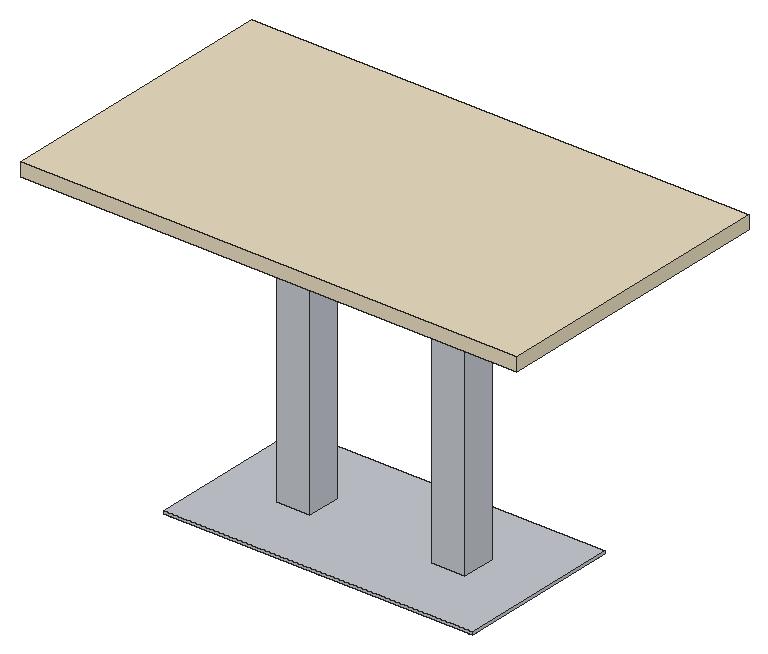
Revit family "FU_Table_Sandler_591Q-MT", category Furniture, Revit 2020
Family settings
  OmniClass Number = 23.40.20.00
  OmniClass Title = General Furniture and Specialties
  Work Plane-Based = No
  Always vertical = Yes
  Cut with Voids When Loaded = No
  Shared = No
  Room Calculation Point = No
Parameters (values of type "591Q-MT - 28x48" Top")
  Width = 747 mm
  URL = "https://www.sandlerseating.com/product/591q-mt/"
  Top Type = FU_TableTops_591 MT : 28x48" Top (70x120cm)
  Top Finish [instance] = Wood - Beech - Honey Stained
  Top Elevation = Height  # 720 mm
  Model = "591Q-MT"
  Manufacturer = "Sandler"
  Height = 720 mm
  Frame Finish [instance] = Metal - Paint -AL VR - White Aluminium
  Description = "Double column table base. Available in powdercoat and painted finishes.\r\nOptional upcharge for outdoor version with galvanized-treated frame and adjustable feet."
  Depth = 397 mm
  Default Elevation = 0 mm
Types (6, lengths in mm): name | Top Type | Top Finish | Frame Finish
  591Q-MT - 28x48" Top | FU_TableTops_591 MT : 28x48" Top (70x120cm) | Wood - Beech - Honey Stained | Metal - Paint -AL VR - White Aluminium
  591Q-MT - 28x52" Top | FU_TableTops_591 MT : 28x52" Top (70x130cm) | Wood - Beech - Grey Stained | Metal - Paint -AL VR - Pure White
  591Q-MT - 32x48" Top | FU_TableTops_591 MT : 32x48" Top (80x120cm) | Wood - Beech - Dark Brown Stained | Metal - Paint -AL VR - Rough Metallic Bronze
  591Q-MT - 32x52" Top | FU_TableTops_591 MT : 32x52" Top (80x130cm) | Wood - Beech - Chestnut Stained | Metal - Paint -AL VR - Anthracite Grey
  591Q-MT - 32x55" Top | FU_TableTops_591 MT : 32x55" Top (80x140cm) | Wood - Beech - Chestnut Stained | Metal - Paint -AL VR - Anthracite Grey
  591Q-MT - 28x55" Top | FU_TableTops_591 MT : 28x55" Top (70x140cm) | Wood - Beech - Chestnut Stained | Metal - Paint -AL VR - Anthracite Grey
Reference planes
  plane 1 "Center (Front/Back)": y = 0
  plane 2: z = 0
  plane 3 "Center (Left/Right)": x = 0
  plane 4 "Right": x = -373.5
  plane 5 "Left": x = 373.5
  plane 6 "Back": y = 198.5
  plane 7 "Front": y = -198.5
  plane 8 "Height": z = 720
  plane 9 "Glide height": z = 4
  plane 10 "LG H": y = 185.83
  plane 11: x = -187.5
  plane 12: z = 700
Forms (mm)
  Extrusion 1, solid, material "Metal - Paint -AL VR - White Aluminium" <- "Frame Finish"
    sketch origin (0, 0, 4) x (-1, 0, 0) y (0, -1, 0)
      loop
        line (373.5, -198.5) -> (373.5, 198.5) -> (-373.5, 198.5) -> (-373.5, -198.5) -> (373.5, -198.5)
    from 0 to 6
  Revolve 2, solid, material "Rubber, Black"
    sketch origin (0, 185.83, 0) x (-1, 0, 0) y (0, 0, 1)
      loop
        line (370.83, 4) -> (360.83, 4) -> (360.83, 0) -> (368.83, 0)
        arc (368.83, 0) -> (370.244, 0.586) -> (370.83, 2) r 2
        line (370.83, 2) -> (370.83, 4)
      axis (360.83, 4) -> (360.83, 0)
    angle from 0 to 360
  Revolve 3, solid, material "Rubber, Black"
    sketch origin (0, 185.83, 0) x (1, 0, 0) y (0, 0, 1)
      loop
        line (370.83, 4) -> (360.83, 4) -> (360.83, 0) -> (368.83, 0)
        arc (368.83, 0) -> (370.244, 0.586) -> (370.83, 2) r 2
        line (370.83, 2) -> (370.83, 4)
      axis (360.83, 4) -> (360.83, 0)
    angle from 0 to 360
  Revolve 4, solid, material "Rubber, Black"
    sketch origin (0, -185.83, 0) x (-1, 0, 0) y (0, 0, -1)
      loop
        line (370.83, -4) -> (370.83, -2)
        arc (370.83, -2) -> (370.244, -0.586) -> (368.83, 0) r 2
        line (368.83, 0) -> (360.83, 0) -> (360.83, -4) -> (370.83, -4)
      axis (360.83, -4) -> (360.83, 0)
    angle from 0 to 360
  Revolve 5, solid, material "Rubber, Black"
    sketch origin (0, -185.83, 0) x (1, 0, 0) y (0, 0, 1)
      loop
        line (370.83, 4) -> (360.83, 4) -> (360.83, 0) -> (368.83, 0)
        arc (368.83, 0) -> (370.244, 0.586) -> (370.83, 2) r 2
        line (370.83, 2) -> (370.83, 4)
      axis (360.83, 4) -> (360.83, 0)
    angle from 0 to 360
  Revolve 6, solid, material "Rubber, Black"
    sketch origin (-360.83, 185.83, 0) x (1, 0, 0) y (0, 0, 1)
      loop
        line (370.83, 4) -> (360.83, 4) -> (360.83, 0) -> (368.83, 0)
        arc (368.83, 0) -> (370.244, 0.586) -> (370.83, 2) r 2
        line (370.83, 2) -> (370.83, 4)
      axis (360.83, 4) -> (360.83, 0)
    angle from 0 to 360
  Revolve 7, solid, material "Rubber, Black"
    sketch origin (-360.83, -185.83, 0) x (1, 0, 0) y (0, 0, 1)
      loop
        line (370.83, 4) -> (360.83, 4) -> (360.83, 0) -> (368.83, 0)
        arc (368.83, 0) -> (370.244, 0.586) -> (370.83, 2) r 2
        line (370.83, 2) -> (370.83, 4)
      axis (360.83, 4) -> (360.83, 0)
    angle from 0 to 360
  Extrusion 8, solid, material "Metal - Paint -AL VR - White Aluminium" <- "Frame Finish"
    sketch origin (0, 0, 4) x (-1, 0, 0) y (0, -1, 0)
      loop
        line (227.5, -40) -> (227.5, 40) -> (147.5, 40) -> (147.5, -40) -> (227.5, -40)
      loop
        line (225.5, -38) -> (225.5, 38) -> (149.5, 38) -> (149.5, -38) -> (225.5, -38)
    from 6 to 696
  Extrusion 9, solid, material "Metal - Paint -AL VR - White Aluminium" <- "Frame Finish"
    sketch origin (0, 0, 4) x (1, 0, 0) y (0, 1, 0)
      loop
        line (227.5, 40) -> (147.5, 40) -> (147.5, -40) -> (227.5, -40) -> (227.5, 40)
      loop
        line (225.5, 38) -> (149.5, 38) -> (149.5, -38) -> (225.5, -38) -> (225.5, 38)
    from 6 to 696
  Extrusion 10, solid, material "Metal - Paint -AL VR - White Aluminium" <- "Frame Finish"
    sketch origin (0, 0, 720) x (-1, 0, 0) y (0, -1, 0)
      loop
        line (235.5, 44.024) -> (307.236, 115.76)
        arc (307.236, 115.76) -> (304.418, 118.6) -> (301.532, 121.37) r 166.741
        line (301.532, 121.37) -> (227.879, 47.718) -> (147.12, 47.718) -> (73.468, 121.37)
        arc (73.468, 121.37) -> (70.582, 118.6) -> (67.764, 115.76) r 166.741
        line (67.764, 115.76) -> (139.5, 44.024) -> (139.5, -44.024) -> (67.486, -116.038)
        arc (67.486, -116.038) -> (70.298, -118.884) -> (73.177, -121.661) r 166.741
        line (73.177, -121.661) -> (146.556, -48.282) -> (228.444, -48.282) -> (301.823, -121.661)
        arc (301.823, -121.661) -> (304.702, -118.884) -> (307.514, -116.038) r 166.741
        line (307.514, -116.038) -> (235.5, -44.024) -> (235.5, 44.024)
    from -5.84 to -20
  Extrusion 11, solid, material "Metal - Paint -AL VR - White Aluminium" <- "Frame Finish"
    sketch origin (0, 0, 720) x (-1, 0, 0) y (0, -1, 0)
      loop
        arc (235.5, 9.198) -> (237.694, 20.46) -> (243.955, 30.074) r 30
        line (243.955, 30.074) -> (342.527, 131.809)
        arc (342.527, 131.809) -> (344.782, 137.439) -> (342.439, 143.033) r 8
        line (342.439, 143.033) -> (329.622, 155.85)
        arc (329.622, 155.85) -> (323.965, 158.193) -> (318.308, 155.85) r 8
        line (318.308, 155.85) -> (219.527, 57.069)
        arc (219.527, 57.069) -> (209.794, 50.566) -> (198.314, 48.282) r 30
        line (198.314, 48.282) -> (176.686, 48.282)
        arc (176.686, 48.282) -> (165.206, 50.566) -> (155.473, 57.069) r 30
        line (155.473, 57.069) -> (56.692, 155.85)
        arc (56.692, 155.85) -> (51.035, 158.193) -> (45.378, 155.85) r 8
        line (45.378, 155.85) -> (32.561, 143.033)
        arc (32.561, 143.033) -> (30.218, 137.439) -> (32.473, 131.809) r 8
        line (32.473, 131.809) -> (131.045, 30.074)
        arc (131.045, 30.074) -> (137.306, 20.46) -> (139.5, 9.198) r 30
        line (139.5, 9.198) -> (139.5, -9.198)
        arc (139.5, -9.198) -> (137.306, -20.46) -> (131.045, -30.074) r 30
        line (131.045, -30.074) -> (32.473, -131.809)
        arc (32.473, -131.809) -> (30.218, -137.439) -> (32.561, -143.033) r 8
        line (32.561, -143.033) -> (45.378, -155.85)
        arc (45.378, -155.85) -> (51.035, -158.193) -> (56.692, -155.85) r 8
        line (56.692, -155.85) -> (155.473, -57.069)
        arc (155.473, -57.069) -> (165.206, -50.566) -> (176.686, -48.282) r 30
        line (176.686, -48.282) -> (198.314, -48.282)
        arc (198.314, -48.282) -> (209.794, -50.566) -> (219.527, -57.069) r 30
        line (219.527, -57.069) -> (318.308, -155.85)
        arc (318.308, -155.85) -> (323.965, -158.193) -> (329.622, -155.85) r 8
        line (329.622, -155.85) -> (342.439, -143.033)
        arc (342.439, -143.033) -> (344.782, -137.439) -> (342.527, -131.809) r 8
        line (342.527, -131.809) -> (243.955, -30.074)
        arc (243.955, -30.074) -> (237.694, -20.46) -> (235.5, -9.198) r 30
        line (235.5, -9.198) -> (235.5, 9.198)
      loop
        line (53.101, -141.055) -> (62.998, -131.158)
        arc (62.998, -131.158) -> (62.998, -125.502) -> (57.342, -125.502) r 3.999
        line (57.342, -125.502) -> (47.445, -135.399)
        arc (47.445, -135.399) -> (47.5, -141.001) -> (53.101, -141.055) r 4
      loop
        arc (321.899, -141.055) -> (327.5, -141.001) -> (327.555, -135.399) r 4
        line (327.555, -135.399) -> (317.658, -125.502)
        arc (317.658, -125.502) -> (312.002, -125.502) -> (312.002, -131.158) r 3.999
        line (312.002, -131.158) -> (321.899, -141.055)
      loop
        arc (53.101, 141.055) -> (47.5, 141.001) -> (47.445, 135.399) r 4
        line (47.445, 135.399) -> (57.342, 125.502)
        arc (57.342, 125.502) -> (62.998, 125.502) -> (62.998, 131.158) r 3.999
        line (62.998, 131.158) -> (53.101, 141.055)
      loop
        line (321.899, 141.055) -> (312.002, 131.158)
        arc (312.002, 131.158) -> (312.002, 125.502) -> (317.658, 125.502) r 3.999
        line (317.658, 125.502) -> (327.555, 135.399)
        arc (327.555, 135.399) -> (327.5, 141.001) -> (321.899, 141.055) r 4
      loop
        circle (187.5, 0) r 7.5
    from -9.84 to 0
  Extrusion 12, solid, material "Metal - Paint -AL VR - White Aluminium" <- "Frame Finish"
    sketch origin (0, 0, 720) x (1, 0, 0) y (0, 1, 0)
      loop
        line (235.5, -44.024) -> (235.5, 44.024) -> (307.514, 116.038)
        arc (307.514, 116.038) -> (304.702, 118.884) -> (301.823, 121.661) r 166.741
        line (301.823, 121.661) -> (228.444, 48.282) -> (146.556, 48.282) -> (73.177, 121.661)
        arc (73.177, 121.661) -> (70.298, 118.884) -> (67.486, 116.038) r 166.741
        line (67.486, 116.038) -> (139.5, 44.024) -> (139.5, -44.024) -> (67.764, -115.76)
        arc (67.764, -115.76) -> (70.582, -118.6) -> (73.468, -121.37) r 166.741
        line (73.468, -121.37) -> (147.12, -47.718) -> (227.879, -47.718) -> (301.532, -121.37)
        arc (301.532, -121.37) -> (304.418, -118.6) -> (307.236, -115.76) r 166.741
        line (307.236, -115.76) -> (235.5, -44.024)
    from -5.84 to -20
  Extrusion 13, solid, material "Metal - Paint -AL VR - White Aluminium" <- "Frame Finish"
    sketch origin (0, 0, 720) x (1, 0, 0) y (0, 1, 0)
      loop
        line (235.5, -9.198) -> (235.5, 9.198)
        arc (235.5, 9.198) -> (237.694, 20.46) -> (243.955, 30.074) r 30
        line (243.955, 30.074) -> (342.527, 131.809)
        arc (342.527, 131.809) -> (344.782, 137.439) -> (342.439, 143.033) r 8
        line (342.439, 143.033) -> (329.622, 155.85)
        arc (329.622, 155.85) -> (323.965, 158.193) -> (318.308, 155.85) r 8
        line (318.308, 155.85) -> (219.527, 57.069)
        arc (219.527, 57.069) -> (209.794, 50.566) -> (198.314, 48.282) r 30
        line (198.314, 48.282) -> (176.686, 48.282)
        arc (176.686, 48.282) -> (165.206, 50.566) -> (155.473, 57.069) r 30
        line (155.473, 57.069) -> (56.692, 155.85)
        arc (56.692, 155.85) -> (51.035, 158.193) -> (45.378, 155.85) r 8
        line (45.378, 155.85) -> (32.561, 143.033)
        arc (32.561, 143.033) -> (30.218, 137.439) -> (32.473, 131.809) r 8
        line (32.473, 131.809) -> (131.045, 30.074)
        arc (131.045, 30.074) -> (137.306, 20.46) -> (139.5, 9.198) r 30
        line (139.5, 9.198) -> (139.5, -9.198)
        arc (139.5, -9.198) -> (137.306, -20.46) -> (131.045, -30.074) r 30
        line (131.045, -30.074) -> (32.473, -131.809)
        arc (32.473, -131.809) -> (30.218, -137.439) -> (32.561, -143.033) r 8
        line (32.561, -143.033) -> (45.378, -155.85)
        arc (45.378, -155.85) -> (51.035, -158.193) -> (56.692, -155.85) r 8
        line (56.692, -155.85) -> (155.473, -57.069)
        arc (155.473, -57.069) -> (165.206, -50.566) -> (176.686, -48.282) r 30
        line (176.686, -48.282) -> (198.314, -48.282)
        arc (198.314, -48.282) -> (209.794, -50.566) -> (219.527, -57.069) r 30
        line (219.527, -57.069) -> (318.308, -155.85)
        arc (318.308, -155.85) -> (323.965, -158.193) -> (329.622, -155.85) r 8
        line (329.622, -155.85) -> (342.439, -143.033)
        arc (342.439, -143.033) -> (344.782, -137.439) -> (342.527, -131.809) r 8
        line (342.527, -131.809) -> (243.955, -30.074)
        arc (243.955, -30.074) -> (237.694, -20.46) -> (235.5, -9.198) r 30
      loop
        arc (53.101, 141.055) -> (47.5, 141.001) -> (47.445, 135.399) r 4
        line (47.445, 135.399) -> (57.342, 125.502)
        arc (57.342, 125.502) -> (62.998, 125.502) -> (62.998, 131.158) r 3.999
        line (62.998, 131.158) -> (53.101, 141.055)
      loop
        line (321.899, 141.055) -> (312.002, 131.158)
        arc (312.002, 131.158) -> (312.002, 125.502) -> (317.658, 125.502) r 3.999
        line (317.658, 125.502) -> (327.555, 135.399)
        arc (327.555, 135.399) -> (327.5, 141.001) -> (321.899, 141.055) r 4
      loop
        line (53.101, -141.055) -> (62.998, -131.158)
        arc (62.998, -131.158) -> (62.998, -125.502) -> (57.342, -125.502) r 3.999
        line (57.342, -125.502) -> (47.445, -135.399)
        arc (47.445, -135.399) -> (47.5, -141.001) -> (53.101, -141.055) r 4
      loop
        arc (321.899, -141.055) -> (327.5, -141.001) -> (327.555, -135.399) r 4
        line (327.555, -135.399) -> (317.658, -125.502)
        arc (317.658, -125.502) -> (312.002, -125.502) -> (312.002, -131.158) r 3.999
        line (312.002, -131.158) -> (321.899, -141.055)
      loop
        circle (187.5, 0) r 7.5
    from -9.84 to 0
Cuts and joins
  joined: Extrusion 1, Extrusion 8, Extrusion 9, Extrusion 10, Extrusion 11, Extrusion 12, Extrusion 13
Dimensions and locks
  equal spacing: plane 4 "Right", plane 3 "Center (Left/Right)", plane 5 "Left"
  "Width": plane 4 "Right" to plane 5 "Left"
  equal spacing: plane 6 "Back", plane 1 "Center (Front/Back)", plane 7 "Front"
  "Depth": plane 6 "Back" to plane 7 "Front"
  "Height": plane 8 "Height" to level
  plane 9 "Glide height" to level = 4 mm
  locked: plane 8 "Height" to plane 12 at 20
  aligned and locked: level to plane 2
  aligned and locked: plane 12 to cut or joined group of Extrusion 1, Extrusion 8, Extrusion 9, Extrusion 10, Extrusion 11, Extrusion 12, Extrusion 13  (x2)
  aligned and locked: cut or joined group of Extrusion 1, Extrusion 8, Extrusion 9, Extrusion 10, Extrusion 11, Extrusion 12, Extrusion 13 to plane 12  (x2)
Automatic sketch dimensions
  Extrusion 1 sketch curve to plane 5 "Left" = 0 mm
  Extrusion 1 sketch curve to plane 4 "Right" = 0 mm
  Extrusion 1 sketch curve to plane 6 "Back" = 0 mm
  Extrusion 1 sketch curve to plane 7 "Front" = 0 mm
  Revolve 2 sketch curve to plane 9 "Glide height" = 0 mm  (x2)
  Revolve 2 sketch curve to level = 0 mm
  level to Revolve 2 sketch curve = 2 mm
  Revolve 2 sketch curve to plane 4 "Right" = 4.67 mm
  Revolve 2 sketch curve to level = 1.303 mm
  Revolve 3 sketch curve to plane 9 "Glide height" = 0 mm  (x2)
  Revolve 3 sketch curve to level = 0 mm
  Revolve 3 sketch curve to plane 5 "Left" = 12.67 mm
  Revolve 3 sketch curve to level = 2 mm
  Revolve 3 sketch curve to plane 5 "Left" = 4.67 mm
  Revolve 3 sketch curve to Revolve 3 sketch curve = 0 mm
  Revolve 3 sketch curve to Revolve 3 sketch curve = 1.303 mm
  Revolve 4 sketch curve to plane 9 "Glide height" = 0 mm  (x2)
  Revolve 4 sketch curve to level = 0 mm
  level to Revolve 4 sketch curve = 2 mm
  Revolve 4 sketch curve to plane 4 "Right" = 4.67 mm
  Revolve 4 sketch curve to level = 1.303 mm
  Revolve 5 sketch curve to plane 9 "Glide height" = 0 mm  (x2)
  Revolve 5 sketch curve to level = 0 mm
  plane 5 "Left" to Revolve 5 sketch curve = 12.67 mm
  level to Revolve 5 sketch curve = 2 mm
  plane 5 "Left" to Revolve 5 sketch curve = 4.67 mm
  Revolve 5 sketch curve to Revolve 5 sketch curve = 0 mm
  Revolve 5 sketch curve to Revolve 5 sketch curve = 1.303 mm
  Revolve 6 sketch curve to plane 9 "Glide height" = 0 mm  (x2)
  Revolve 6 sketch curve to level = 0 mm
  plane 3 "Center (Left/Right)" to Revolve 6 sketch curve = 0 mm
  Revolve 6 sketch curve to level = 2 mm
  Revolve 6 sketch curve to plane 3 "Center (Left/Right)" = 8 mm
  Revolve 6 sketch curve to Revolve 6 sketch curve = 0 mm
  Revolve 6 sketch curve to Revolve 6 sketch curve = 1.303 mm
  Revolve 7 sketch curve to plane 9 "Glide height" = 0 mm  (x2)
  Revolve 7 sketch curve to level = 0 mm
  Revolve 7 sketch curve to plane 3 "Center (Left/Right)" = 0 mm
  level to Revolve 7 sketch curve = 2 mm
  plane 3 "Center (Left/Right)" to Revolve 7 sketch curve = 8 mm
  Revolve 7 sketch curve to Revolve 7 sketch curve = 0 mm
  Revolve 7 sketch curve to Revolve 7 sketch curve = 1.303 mm
  Extrusion 8 sketch curve to plane 11 = 40 mm
  Extrusion 8 sketch curve to Extrusion 8 sketch curve = 2 mm  (x4)
  plane 11 to Extrusion 8 sketch curve = 38 mm
  Extrusion 8 sketch curve to plane 1 "Center (Front/Back)" = 40 mm
  plane 1 "Center (Front/Back)" to Extrusion 8 sketch curve = 38 mm
  plane 1 "Center (Front/Back)" to Extrusion 9 sketch curve = 40 mm
  Extrusion 9 sketch curve to plane 3 "Center (Left/Right)" = 147.5 mm
  Extrusion 9 sketch curve to Extrusion 9 sketch curve = 2 mm  (x4)
  Extrusion 9 sketch curve to Extrusion 9 sketch curve = 76 mm
  Extrusion 9 sketch curve to plane 1 "Center (Front/Back)" = 38 mm
  Extrusion 10 sketch curve to Extrusion 10 sketch curve = 0 mm  (x12)
  Extrusion 10 sketch curve to plane 11 = 0 mm
  Extrusion 10 sketch curve to plane 11 = 40.38 mm
  Extrusion 10 sketch curve to plane 11 = 40.944 mm
  Extrusion 10 sketch curve to Extrusion 10 sketch curve = 7.056 mm  (x2)
  Extrusion 10 sketch curve to plane 3 "Center (Left/Right)" = 73.468 mm
  Extrusion 10 sketch curve to plane 3 "Center (Left/Right)" = 73.177 mm
  Extrusion 10 sketch curve to Extrusion 10 sketch curve = 5.704 mm  (x2)
  Extrusion 10 sketch curve to Extrusion 10 sketch curve = 5.691 mm  (x2)
  plane 11 to Extrusion 10 sketch curve = 40.38 mm
  plane 11 to Extrusion 10 sketch curve = 40.944 mm
  Extrusion 10 sketch curve to plane 10 "LG H" = 64.169 mm  (x2)
  Extrusion 10 sketch curve to Extrusion 10 sketch curve = 5.623 mm
  Extrusion 10 sketch curve to plane 1 "Center (Front/Back)" = 48.282 mm
  Extrusion 10 sketch curve to Extrusion 10 sketch curve = 4.258 mm  (x2)
  plane 1 "Center (Front/Back)" to Extrusion 10 sketch curve = 44.024 mm  (x2)
  Extrusion 10 sketch curve to Extrusion 10 sketch curve = 3.693 mm
  plane 7 "Front" to Extrusion 10 sketch curve = 82.74 mm  (x2)
  plane 1 "Center (Front/Back)" to Extrusion 11 sketch curve = 0 mm
  Extrusion 11 sketch curve to plane 11 = 0 mm
  Extrusion 11 sketch curve to plane 11 = 10.814 mm  (x2)
  Extrusion 11 sketch curve to Extrusion 11 sketch curve = 21.213 mm  (x5)
  plane 1 "Center (Front/Back)" to Extrusion 11 sketch curve = 9.198 mm  (x2)
  Extrusion 11 sketch curve to plane 11 = 48 mm
  Extrusion 11 sketch curve to plane 1 "Center (Front/Back)" = 30.074 mm  (x2)
  Extrusion 11 sketch curve to Extrusion 11 sketch curve = 8.455 mm  (x4)
  plane 1 "Center (Front/Back)" to Extrusion 11 sketch curve = 30.074 mm  (x2)
  Extrusion 11 sketch curve to plane 1 "Center (Front/Back)" = 9.198 mm  (x2)
  Extrusion 11 sketch curve to plane 3 "Center (Left/Right)" = 62.998 mm  (x2)
  Extrusion 11 sketch curve to Extrusion 11 sketch curve = 2.828 mm  (x12)
  Extrusion 11 sketch curve to Extrusion 11 sketch curve = 6.306 mm  (x4)
  Extrusion 11 sketch curve to Extrusion 11 sketch curve = 9.897 mm  (x8)
  Extrusion 11 sketch curve to Extrusion 11 sketch curve = 5.657 mm  (x18)
  Extrusion 11 sketch curve to Extrusion 11 sketch curve = 2.773 mm  (x6)
  Extrusion 11 sketch curve to Extrusion 11 sketch curve = 2.883 mm  (x6)
  Extrusion 11 sketch curve to plane 10 "LG H" = 29.98 mm  (x2)
  Extrusion 11 sketch curve to Extrusion 11 sketch curve = 9.227 mm  (x4)
  Extrusion 11 sketch curve to Extrusion 11 sketch curve = 5.745 mm  (x4)
  plane 11 to Extrusion 11 sketch curve = 10.814 mm  (x2)
  plane 11 to Extrusion 11 sketch curve = 48 mm
  Extrusion 11 sketch curve to Extrusion 11 sketch curve = 12.817 mm  (x2)
  Extrusion 11 sketch curve to Extrusion 11 sketch curve = 9.138 mm  (x4)
  Extrusion 11 sketch curve to Extrusion 11 sketch curve = 48.208 mm
  Extrusion 11 sketch curve to Extrusion 11 sketch curve = 0 mm
  plane 1 "Center (Front/Back)" to Extrusion 11 sketch curve = 48.282 mm
  Extrusion 11 sketch curve to Extrusion 11 sketch curve = 8.787 mm  (x2)
  plane 7 "Front" to Extrusion 11 sketch curve = 72.998 mm  (x2)
  Extrusion 11 sketch curve to Extrusion 11 sketch curve = 6.307 mm  (x2)
  Extrusion 11 sketch curve to Extrusion 11 sketch curve = 5.567 mm  (x2)
  Extrusion 12 sketch curve to Extrusion 12 sketch curve = 0 mm  (x12)
  Extrusion 12 sketch curve to plane 3 "Center (Left/Right)" = 67.486 mm
  Extrusion 12 sketch curve to plane 3 "Center (Left/Right)" = 67.764 mm
  Extrusion 12 sketch curve to Extrusion 12 sketch curve = 5.691 mm  (x2)
  Extrusion 12 sketch curve to Extrusion 12 sketch curve = 5.704 mm  (x2)
  plane 1 "Center (Front/Back)" to Extrusion 12 sketch curve = 44.024 mm  (x2)
  Extrusion 12 sketch curve to Extrusion 12 sketch curve = 72.014 mm
  plane 1 "Center (Front/Back)" to Extrusion 12 sketch curve = 48.282 mm
  Extrusion 12 sketch curve to Extrusion 12 sketch curve = 7.056 mm  (x2)
  Extrusion 12 sketch curve to plane 1 "Center (Front/Back)" = 47.718 mm
  Extrusion 12 sketch curve to Extrusion 12 sketch curve = 7.62 mm
  plane 1 "Center (Front/Back)" to Extrusion 12 sketch curve = 0.282 mm
  Extrusion 12 sketch curve to Extrusion 12 sketch curve = 40.38 mm  (x2)
  Extrusion 12 sketch curve to Extrusion 12 sketch curve = 40.944 mm
  Extrusion 12 sketch curve to plane 5 "Left" = 71.968 mm
  Extrusion 12 sketch curve to plane 5 "Left" = 71.677 mm
  plane 10 "LG H" to Extrusion 12 sketch curve = 69.792 mm  (x2)
  Extrusion 12 sketch curve to Extrusion 12 sketch curve = 3.693 mm  (x2)
  Extrusion 12 sketch curve to plane 7 "Front" = 82.74 mm  (x2)
  plane 1 "Center (Front/Back)" to Extrusion 13 sketch curve = 0 mm
  Extrusion 13 sketch curve to plane 3 "Center (Left/Right)" = 32.473 mm  (x2)
  Extrusion 13 sketch curve to Extrusion 13 sketch curve = 0.089 mm  (x2)
  Extrusion 13 sketch curve to Extrusion 13 sketch curve = 5.745 mm  (x4)
  Extrusion 13 sketch curve to Extrusion 13 sketch curve = 12.817 mm  (x4)
  Extrusion 13 sketch curve to Extrusion 13 sketch curve = 9.227 mm  (x4)
  Extrusion 13 sketch curve to Extrusion 13 sketch curve = 2.883 mm  (x6)
  Extrusion 13 sketch curve to Extrusion 13 sketch curve = 5.657 mm  (x16)
  Extrusion 13 sketch curve to Extrusion 13 sketch curve = 2.773 mm  (x6)
  plane 10 "LG H" to Extrusion 13 sketch curve = 29.98 mm  (x2)
  Extrusion 13 sketch curve to Extrusion 13 sketch curve = 9.897 mm  (x8)
  Extrusion 13 sketch curve to Extrusion 13 sketch curve = 2.828 mm  (x12)
  plane 1 "Center (Front/Back)" to Extrusion 13 sketch curve = 9.198 mm  (x2)
  Extrusion 13 sketch curve to plane 3 "Center (Left/Right)" = 109.5 mm
  Extrusion 13 sketch curve to Extrusion 13 sketch curve = 0 mm
  Extrusion 13 sketch curve to plane 1 "Center (Front/Back)" = 30.074 mm  (x2)
  Extrusion 13 sketch curve to Extrusion 13 sketch curve = 21.545 mm  (x2)
  plane 1 "Center (Front/Back)" to Extrusion 13 sketch curve = 30.074 mm  (x2)
  Extrusion 13 sketch curve to plane 1 "Center (Front/Back)" = 57.069 mm  (x2)
  Extrusion 13 sketch curve to Extrusion 13 sketch curve = 24.427 mm  (x2)
  plane 1 "Center (Front/Back)" to Extrusion 13 sketch curve = 57.069 mm  (x2)
  Extrusion 13 sketch curve to Extrusion 13 sketch curve = 21.213 mm  (x5)
  Extrusion 13 sketch curve to Extrusion 13 sketch curve = 48 mm  (x2)
  Extrusion 13 sketch curve to Extrusion 13 sketch curve = 21.628 mm  (x2)
  Extrusion 13 sketch curve to plane 1 "Center (Front/Back)" = 9.198 mm
  Extrusion 13 sketch curve to Extrusion 13 sketch curve = 8.455 mm  (x2)
  Extrusion 13 sketch curve to plane 5 "Left" = 61.498 mm  (x2)
  Extrusion 13 sketch curve to Extrusion 13 sketch curve = 6.306 mm  (x2)
  Extrusion 13 sketch curve to Extrusion 13 sketch curve = 9.138 mm  (x4)
  Extrusion 13 sketch curve to Extrusion 13 sketch curve = 8.787 mm
  Extrusion 13 sketch curve to plane 7 "Front" = 72.998 mm  (x2)
  Extrusion 13 sketch curve to Extrusion 13 sketch curve = 6.307 mm  (x2)
  Extrusion 13 sketch curve to Extrusion 13 sketch curve = 5.567 mm  (x2)
  Revolve 2 sketch curve to Revolve 2 sketch curve = 8 mm
  Revolve 2 sketch curve to Revolve 2 sketch curve = 0 mm
  Revolve 4 sketch curve to Revolve 4 sketch curve = 8 mm
  Revolve 4 sketch curve to Revolve 4 sketch curve = 0 mm
  Extrusion 10 sketch curve to plane 4 "Right" = 71.968 mm
  Extrusion 10 sketch curve to plane 4 "Right" = 71.677 mm
  Extrusion 11 sketch curve to plane 4 "Right" = 61.498 mm  (x2)
  radius of Extrusion 11 sketch curve = 7.5 mm
  radius of Extrusion 13 sketch curve = 7.5 mm
Nested families
  nested 1: "FU_TableTops_591 MT" at (0, 0, 0), Top Finish <- "Top Finish", type <- "Top Type", Top Elevation <- "Top Elevation", type "28x48" Top (70x120cm)"
    with Top Finish Wood - Beech - Honey Stained, Top Elevation 720 mm
Definition of nested family "FU_TableTops_591 MT"
  Parameters (values of type "32x55" Top (80x140cm)")
    Width = 1400 mm
    Top Finish [instance] = none
    Top Elevation [instance] = 1100 mm
    Depth = 800 mm
    Default Elevation = 0 mm
  Types (6, lengths in mm): name | Width | Depth
    28x48" Top (70x120cm) | 1200 | 700
    28x52" Top (70x130cm) | 1300 | 700
    32x48" Top (80x120cm) | 1200 | 800
    32x52" Top (80x130cm) | 1300 | 800
    28x55" Top (70x140cm) | 1400 | 700
    32x55" Top (80x140cm) | 1400 | 800
  Reference planes
    plane 1 "Center (Front/Back)": y = 0
    plane 2: z = 0
    plane 3 "Center (Left/Right)": x = 0
    plane 4 "Right": x = -700
    plane 5 "Left": x = 700
    plane 6 "Back": y = 400
    plane 7 "Front": y = -400
    plane 8 "Elevation": z = 1100
    plane 9 "Top Height": z = 1131.75
  Forms (mm)
    Extrusion 1, solid, material <- "Top Finish"
      sketch origin (0, 0, 1100) x (-1, 0, 0) y (0, -1, 0)
        loop
          line (700, -400) -> (700, 400) -> (-700, 400) -> (-700, -400) -> (700, -400)
      from 0 to 31.75
  Dimensions and locks
    equal spacing: plane 4 "Right", plane 3 "Center (Left/Right)", plane 5 "Left"
    "Width": plane 4 "Right" to plane 5 "Left"
    equal spacing: plane 6 "Back", plane 1 "Center (Front/Back)", plane 7 "Front"
    "Depth": plane 6 "Back" to plane 7 "Front"
    "Top Elevation": plane 8 "Elevation" to level
    locked: plane 9 "Top Height" to plane 8 "Elevation" at 31.75
    aligned and locked: level to plane 2
    aligned and locked: Extrusion 1 sketch curve to plane 6 "Back"
    aligned and locked: Extrusion 1 sketch curve to plane 4 "Right"
    aligned and locked: plane 7 "Front" to Extrusion 1 sketch curve
    aligned and locked: plane 5 "Left" to Extrusion 1 sketch curve
    aligned and locked: Extrusion 1 to plane 8 "Elevation"
    aligned and locked: plane 8 "Elevation" to Extrusion 1  (x2)
    aligned and locked: plane 9 "Top Height" to Extrusion 1
    aligned and locked: Extrusion 1 to plane 9 "Top Height"
